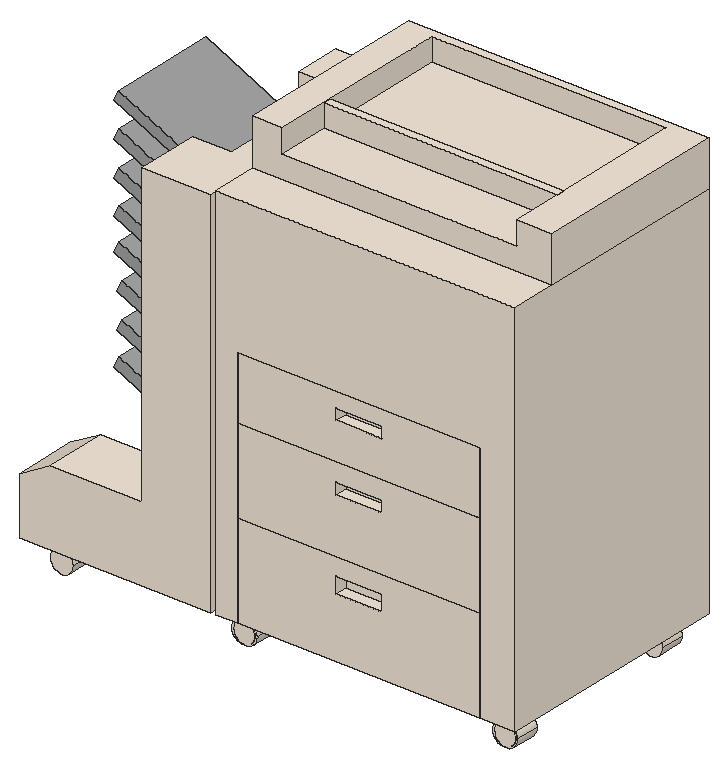
Revit family
Parameters
  Material Trays = Plastic - Gray, Dark
  Material Copier = Plastic - White
  Keynote = "N"
  Assembly Code = "E1010800"
Reference planes
  plane 1 "Center F/B": y = 24.669
  plane 2: z = 0
  plane 3 "Center L/R": x = -2.165
  plane 4: x = -332.365
  plane 5: x = 328.035
  plane 6: y = 291.369
  plane 7: y = -242.031
Forms (mm)
  Extrusion 1, solid, material "Plastic - White" <- "Material Copier"
    sketch origin (0, 0, 0) x (1, 0, 0) y (0, 1, 0)
      loop
        line (-332.365, 291.369) -> (-332.365, -242.031) -> (328.035, -242.031) -> (328.035, 291.369) -> (-332.365, 291.369)
    from 76.2 to 914.4
  Extrusion 2, solid, material "Plastic - White" <- "Material Copier"
    sketch origin (0, 0, 0) x (1, 0, 0) y (0, 1, 0)
      loop
        line (-332.365, 291.369) -> (-332.365, -139.905) -> (328.035, -139.905) -> (328.035, 291.369) -> (-332.365, 291.369)
    from 914.4 to 1016
  Extrusion 3, void
    sketch origin (0, 0, 0) x (1, 0, 0) y (0, 1, 0)
      loop
        line (-267.296, 271.111) -> (-267.296, -151.694) -> (249.314, -151.694) -> (249.314, 271.111) -> (-267.296, 271.111)
    from 965.2 to 1034.083
  Extrusion 4, void
    sketch origin (-332.365, -242.031, 914.4) x (0, 0, -1) y (1, 0, 0)
      loop
        line (838.2, 48.279) -> (838.2, 581.679) -> (304.8, 581.679) -> (304.8, 48.279) -> (838.2, 48.279)
    from 0 to -50.8
  Extrusion 5, solid, material "Plastic - White" <- "Material Copier"
    sketch origin (0, 24.669, 0) x (1, 0, 0) y (0, 0, 1)
      loop
        line (-284.086, 76.2) -> (249.314, 76.2) -> (249.314, 283.872) -> (-284.086, 283.872) -> (-284.086, 76.2)
    from 266.7 to 215.9
  Extrusion 6, solid, material "Plastic - White" <- "Material Copier"
    sketch origin (0, 24.669, 0) x (1, 0, 0) y (0, 0, 1)
      loop
        line (-284.086, 283.872) -> (249.314, 283.872) -> (249.314, 472.355) -> (-284.086, 472.355) -> (-284.086, 283.872)
    from 266.7 to 215.9
  Extrusion 7, solid, material "Plastic - White" <- "Material Copier"
    sketch origin (0, 24.669, 0) x (1, 0, 0) y (0, 0, 1)
      loop
        line (-284.086, 472.355) -> (249.314, 472.355) -> (249.314, 609.6) -> (-284.086, 609.6) -> (-284.086, 472.355)
    from 266.7 to 215.9
  Extrusion 8, void
    sketch origin (-332.365, -242.031, 914.4) x (0, 0, -1) y (1, 0, 0)
      loop
        line (335.541, 265.591) -> (360.941, 265.591) -> (360.941, 367.191) -> (335.541, 367.191) -> (335.541, 265.591)
      loop
        line (482.023, 265.591) -> (508, 265.591) -> (508, 367.191) -> (482.023, 367.191) -> (482.023, 265.591)
      loop
        line (667.858, 265.591) -> (703.29, 265.591) -> (703.29, 367.191) -> (667.858, 367.191) -> (667.858, 265.591)
    from 0 to -25.4
  Extrusion 9, solid, material "Plastic - White" <- "Material Copier"
    sketch origin (0, 0, 0) x (1, 0, 0) y (0, 1, 0)
      loop
        line (-267.296, -26.131) -> (249.314, -26.131) -> (249.314, -10.058) -> (-267.296, -10.058) -> (-267.296, -26.131)
    from 965.2 to 1016
  Extrusion 10, solid, material "Plastic - White"
    sketch origin (-12.481, 24.669, 0) x (1, 0, 0) y (0, 0, 1)
      loop
        circle (-294.149, 27.913) r 25.4
      loop
        circle (280.847, 27.913) r 25.4
    from 215.9 to 164.574
  Extrusion 11, solid, material "Plastic - White" <- "Material Copier"
    sketch origin (-18.107, 24.669, 0) x (1, 0, 0) y (0, 0, 1)
      loop
        circle (-294.149, 27.913) r 25.4
      loop
        circle (280.847, 27.913) r 25.4
    from 215.9 to 164.574
  Extrusion 12, solid, material "Plastic - White"
    sketch origin (-18.107, 431.069, 0) x (1, 0, 0) y (0, 0, 1)
      loop
        circle (-294.149, 27.913) r 25.4
      loop
        circle (280.847, 27.913) r 25.4
    from 215.9 to 164.574
  Extrusion 13, solid, material "Plastic - White" <- "Material Copier"
    sketch origin (0, 24.669, 0) x (1, 0, 0) y (0, 0, 1)
      loop
        line (-342.574, 76.2) -> (-342.574, 901.7) -> (-494.974, 901.7) -> (-494.974, 241.3) -> (-698.174, 241.3) -> (-764.165, 203.2) -> (-764.165, 76.2) -> (-342.574, 76.2)
    from -266.7 to 266.7
  Extrusion 14, solid, material "Plastic - White" <- "Material Copier"
    sketch origin (0, 24.669, 0) x (1, 0, 0) y (0, 0, 1)
      loop
        circle (-711.871, 26.067) r 25.4
    from 164.574 to 215.9
  Extrusion 15, solid, material "Plastic - White"
    sketch origin (0, 24.669, 0) x (1, 0, 0) y (0, 0, 1)
      loop
        circle (-711.871, 26.067) r 25.4
    from -246.442 to -190.5
  Extrusion 16, void
    sketch origin (0, 20.444, 0) x (1, 0, 0) y (0, 1, 0)
      loop
        line (-764.165, 169.325) -> (-764.165, -121.333) -> (-409.673, -121.333) -> (-409.673, 169.325) -> (-764.165, 169.325)
    from 0 to 914.4
  Extrusion 17, solid, material "Plastic - Gray, Dark" <- "Material Trays"
    sketch origin (0, 24.669, 0) x (1, 0, 0) y (0, 0, 1)
      loop
        line (-409.673, 635) -> (-681.654, 761.827) -> (-692.388, 738.807) -> (-409.673, 606.974) -> (-409.673, 635)
    from -142.985 to 96.837
  Extrusion 18, solid, material "Plastic - Gray, Dark" <- "Material Trays"
    sketch origin (0, 24.669, -76.2) x (1, 0, 0) y (0, 0, 1)
      loop
        line (-409.673, 635) -> (-681.654, 761.827) -> (-692.388, 738.807) -> (-409.673, 606.974) -> (-409.673, 635)
    from -142.985 to 96.837
  Extrusion 19, solid, material "Plastic - Gray, Dark" <- "Material Trays"
    sketch origin (0, 24.669, -146.05) x (1, 0, 0) y (0, 0, 1)
      loop
        line (-409.673, 635) -> (-681.654, 761.827) -> (-692.388, 738.807) -> (-409.673, 606.974) -> (-409.673, 635)
    from -142.985 to 96.837
  Extrusion 20, solid, material "Plastic - Gray, Dark" <- "Material Trays"
    sketch origin (0, 24.669, 76.2) x (1, 0, 0) y (0, 0, 1)
      loop
        line (-409.673, 635) -> (-681.654, 761.827) -> (-692.388, 738.807) -> (-409.673, 606.974) -> (-409.673, 635)
    from -142.985 to 96.837
  Extrusion 21, solid, material "Plastic - Gray, Dark" <- "Material Trays"
    sketch origin (0, 24.669, 152.4) x (1, 0, 0) y (0, 0, 1)
      loop
        line (-409.673, 635) -> (-681.654, 761.827) -> (-692.388, 738.807) -> (-409.673, 606.974) -> (-409.673, 635)
    from -142.985 to 96.837
  Extrusion 22, solid, material "Plastic - Gray, Dark" <- "Material Trays"
    sketch origin (6.641, 24.669, -221.96) x (1, 0, 0) y (0, 0, 1)
      loop
        line (-416.314, 638.097) -> (-681.654, 761.827) -> (-692.388, 738.807) -> (-416.314, 610.071) -> (-416.314, 638.097)
    from -142.985 to 96.837
  Extrusion 23, solid, material "Plastic - Gray, Dark" <- "Material Trays"
    sketch origin (6.641, 24.669, -298.16) x (1, 0, 0) y (0, 0, 1)
      loop
        line (-416.314, 638.097) -> (-681.654, 761.827) -> (-692.388, 738.807) -> (-416.314, 610.071) -> (-416.314, 638.097)
    from -142.985 to 96.837
  Extrusion 24, solid, material "Plastic - Gray, Dark" <- "Material Trays"
    sketch origin (0, 24.669, -374.07) x (1, 0, 0) y (0, 0, 1)
      loop
        line (-409.673, 635) -> (-681.654, 761.827) -> (-692.388, 738.807) -> (-409.673, 606.974) -> (-409.673, 635)
    from -142.985 to 96.837
Cuts and joins
  Extrusion 3, Extrusion 4, Extrusion 8, Extrusion 16 cuts Extrusion 1
  Extrusion 3, Extrusion 4, Extrusion 8, Extrusion 16 cuts Extrusion 2
  Extrusion 8, Extrusion 16 cuts Extrusion 5
  Extrusion 8, Extrusion 16 cuts Extrusion 6
  Extrusion 8, Extrusion 16 cuts Extrusion 7
  Extrusion 16 cuts Extrusion 9
  Extrusion 16 cuts Extrusion 10
  Extrusion 16 cuts Extrusion 11
  Extrusion 16 cuts Extrusion 12
  Extrusion 16 cuts Extrusion 13
  Extrusion 16 cuts Extrusion 14
  Extrusion 16 cuts Extrusion 15
